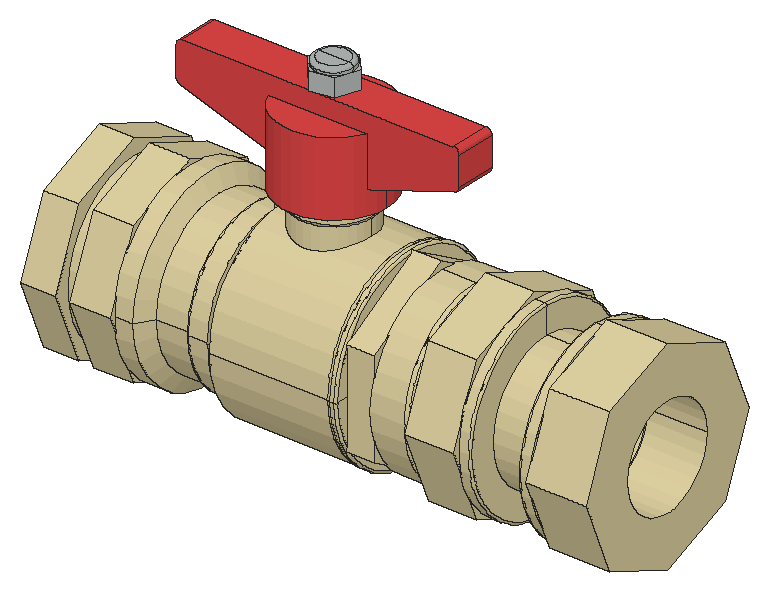
Revit family "QD38600000", category Apparecchi idraulici, Revit 2020
Family settings
  Quota connettore circolare = Usa diametro
  Tipo di parte = Normale
  Numero OmniClass = 23.45.00.00
  Titolo OmniClass = Sanitary, Laundry, and Cleaning Equipment
  Basato su piano di lavoro = No
  Sempre verticale = Sì
  Taglio con vuoti quando caricato = No
  Condiviso = No
  Punto di calcolo locali = No
Parameters
  URL = "https://web.cimberio.it/index.php/figura/266?subcategoria_id=43717"
  Temperatura di esercizio = "-20 ÷ 90°C"
  Prospetto di default = 0 mm
  Produttore = "CIMBERIO SPA"
  Pressione nominale = "PN 16"
  Modello = "Cim 278"
  Materiale = "Prodotto in lega di ottone conforme alla norma EN 12165-CW617N-DW"
  Descrizione = "Utilizzato nei più svariati settori dell'impiantistica: reti di distribuzione acqua potabile, impianti di riscaldamento, condizionamento, igienico-sanitari e in generale con ogni fluido non corrosivo"
  DN Model [instance] = QD38604031 : QD38604031
  DN [instance] = 25 mm
  Commenti sul tipo = "Realizzato in ottemperanza ai requisiti gestionali della norma EN ISO 9001.\r\nCollaudato al 100% secondo la normativa EN 12266-1"
Reference planes
  plane 1 "Centro (Fronte/Retro)": y = 0
  plane 2: z = 0
  plane 3 "Centro (Sinistra/Destra)": x = 0
Dimensions and locks
  aligned and locked: level to plane 2
Nested families
  nested 1: "QD38604031" at (0, 0, 0), type <- "DN Model", type "QD38604031"
  nested 2: "QD38604031" at (0, 0, 0), type <- "DN Model", type "QD38604031"
  nested 3: "QD38604031" at (0, 0, 0), type <- "DN Model", type "QD38604031"
  nested 4: "QD38604031" at (0, 0, 0), type <- "DN Model", type "QD38604031"
Connectors
  piping at (82.5, 0, 0), diameter 25, driven by "DN"
    settings: on nested 1, index 1, connector inside diameter 609.6 mm, connector length 0 mm, flow factor 0, pipe flow 0.0 L/s, pressure drop 0.0 Pa, fitting loss kfactor 0, connector angle 0.00°, fixture units 0, engagement length 0 mm, angle of deflection 0.00°, flow configuration 0, flow direction 0, fitting loss method 0, system type 7, joint type 0, gender type 0, connector reference index -1, connector utility 0, adjustable connector no, is connector primary yes, connector description ""
  piping at (-57.957, 0, 0), diameter 25, driven by "DN"
    settings: on nested 1, index 2, connector inside diameter 609.6 mm, connector length 0 mm, flow factor 0, pipe flow 0.0 L/s, pressure drop 0.0 Pa, fitting loss kfactor 0, connector angle 0.00°, fixture units 0, engagement length 0 mm, angle of deflection 0.00°, flow configuration 0, flow direction 0, fitting loss method 0, system type 7, joint type 0, gender type 0, connector reference index -1, connector utility 0, adjustable connector no, is connector primary no, connector description ""
Definition of nested family "QD38604031"
  Parameters (values of type "QD38604031")
    Default Elevation = 0 mm
  Reference planes
    plane 1 "Centro (Fronte/Retro)": y = 0
    plane 2: z = 0
    plane 3 "Centro (Sinistra/Destra)": x = 0
  Forms (mm)
    Revolve 1, solid
      sketch origin (0, 0, 0) x (1, 0, 0) y (0, 1, 0)
        loop
          line (18.034, 23.75) -> (17.101, 23.5) -> (-12, 23.5) -> (-15, 20.5) -> (-19.5, 20.5)
          arc (-19.5, 20.5) -> (-19.854, 20.354) -> (-20, 20) r 0.5
          arc (-20, 20) -> (-20.146, 19.647) -> (-20.499, 19.5) r 0.5
          line (-20.499, 19.5) -> (-28.5, 19.5) -> (-30.809, 23.5) -> (-35.5, 23.5) -> (-35.5, 12.5) -> (19.6, 12.5) -> (19.6, 23.133)
          arc (19.6, 23.133) -> (19.455, 23.526) -> (19.1, 23.75) r 0.652
          line (19.1, 23.75) -> (18.034, 23.75)
        axis (-35.5, 0) -> (19.6, 0)
      angle from 0 to 360
    Extrusion 2, solid
      sketch origin (0, 0, 0) x (0, 1, 0) y (0, 0, 1)
        loop
          circle (0, 0) r 12.5
        loop
          line (0, 25) -> (-17.678, 17.678) -> (-25, 0) -> (-17.678, -17.678) -> (0, -25) -> (17.678, -17.678) -> (25, 0) -> (17.678, 17.678) -> (0, 25)
      from 37.6 to 49.6
    Revolve 3, solid
      sketch origin (4.6, 0, 0) x (1, 0, 0) y (0, 0, 1)
        loop
          line (45, 12.5) -> (62.9, 12.5) -> (62.9, 23.5) -> (60.4, 23.5)
          arc (60.4, 23.5) -> (60.046, 23.354) -> (59.9, 23) r 0.5
          line (59.9, 23) -> (59.9, 16.608) -> (48, 16.608) -> (48, 23)
          arc (48, 23) -> (47.854, 23.354) -> (47.5, 23.5) r 0.5
          line (47.5, 23.5) -> (45, 23.5) -> (45, 12.5)
        axis (45, 0) -> (62.9, 0)
      angle from 0 to 360
    Revolve 4, solid
      sketch origin (0, 0, 4) x (1, 0, 0) y (0, 0, 1)
        loop
          line (0, 31.3) -> (-9.887, 31.3) -> (-9.887, 24)
          arc (-9.887, 24) -> (-9.744, 23.606) -> (-9.381, 23.397) r 0.612
          line (-9.381, 23.397) -> (-9.381, 12.734) -> (0, 12.734) -> (0, 31.3)
        axis (0, 31.3) -> (0, 12.734)
      angle from 0 to 360
    Extrusion 5, solid
      sketch origin (0, 0, 4) x (1, 0, 0) y (0, 0, 1)
        loop
          line (-15, 31.3) -> (-15, 25) -> (-13, 23.845) -> (-13, 12.845) -> (-7.035, 12.845) -> (-7.035, 31.3) -> (-15, 31.3)
      from 0 to 1.981
    Revolve 6, solid
      sketch origin (0, 0, 4) x (1, 0, 0) y (0, 0, 1)
        loop
          line (0, 32.8) -> (-8.3, 32.8) -> (-8.3, 31.3) -> (0, 31.3) -> (0, 32.8)
        axis (0, 32.8) -> (0, 31.3)
      angle from 0 to 360
    Revolve 7, solid
      sketch origin (0, 0, 4) x (1, 0, 0) y (0, 0, 1)
        loop
          line (10.545, 26.8) -> (13.134, 26.8) -> (13.134, 45.125) -> (0, 45.125) -> (0, 37.89) -> (10.545, 37.89) -> (10.545, 26.8)
        axis (0, 45.125) -> (0, 26.8)
      angle from 0 to 360
    Extrusion 8, solid
      sketch origin (0, 0, 4) x (1, 0, 0) y (0, 0, 1)
        loop
          arc (-35, 41.227) -> (-34.714, 40.345) -> (-33.964, 39.8) r 1.5
          line (-33.964, 39.8) -> (-13.136, 33.033) -> (13.136, 33.033) -> (33.964, 39.8)
          arc (33.964, 39.8) -> (34.714, 40.345) -> (35, 41.227) r 1.5
          line (35, 41.227) -> (35, 48.3)
          arc (35, 48.3) -> (34.561, 49.361) -> (33.5, 49.8) r 1.5
          line (33.5, 49.8) -> (-33.5, 49.8)
          arc (-33.5, 49.8) -> (-34.561, 49.361) -> (-35, 48.3) r 1.5
          line (-35, 48.3) -> (-35, 41.227)
      from -5 to 5
    Extrusion 9, solid
      sketch origin (0, 0, 4) x (1, 0, 0) y (0, 1, 0)
        loop
          line (1.88, 5.461) -> (-3.789, 4.359) -> (-5.669, -1.102) -> (-1.88, -5.461) -> (3.789, -4.359) -> (5.669, 1.102) -> (1.88, 5.461)
      from 49.8 to 54.3
    Revolve 10, solid
      sketch origin (0, 0, 4) x (1, 0, 0) y (0, 0, 1)
        loop
          line (3.75, 55.8) -> (0, 55.8) -> (0, 53.912) -> (4.75, 53.912) -> (4.75, 54.8)
          arc (4.75, 54.8) -> (4.457, 55.507) -> (3.75, 55.8) r 1
        axis (0, 55.8) -> (0, 53.912)
      angle from 0 to 360
    Extrusion 11, solid
      sketch origin (0, 0, 0) x (0, 1, 0) y (0, 0, 1)
        loop
          circle (0, 0) r 12.5
        loop
          line (0, 23.75) -> (-20.568, 11.875) -> (-20.568, -11.875) -> (0, -23.75) -> (20.568, -11.875) -> (20.568, 11.875) -> (0, 23.75)
      from 19.6 to 26.6
    Revolve 12, solid
      sketch origin (0, 0, 0) x (1, 0, 0) y (0, 0, 1)
        loop
          line (26.6, 12.5) -> (37.6, 12.5) -> (37.6, 21.5) -> (36.519, 21.5) -> (35.717, 21.5) -> (35.1, 22) -> (26.6, 22) -> (26.6, 12.5)
        axis (26.6, 0) -> (37.6, 0)
      angle from 0 to 360
    Extrusion 13, solid
      sketch origin (38.034, 0, 0) x (0, 1, 0) y (0, 0, 1)
        loop
          circle (0, 0) r 12.5
        loop
          line (0, 25) -> (-17.678, 17.678) -> (-25, 0) -> (-17.678, -17.678) -> (0, -25) -> (17.678, -17.678) -> (25, 0) -> (17.678, 17.678) -> (0, 25)
      from 29.466 to 44.466
    Extrusion 14, solid
      sketch origin (0, 0, 0) x (0, 1, 0) y (0, 0, 1)
        loop
          circle (0, 0) r 12.5
        loop
          line (0, 24.7) -> (-17.466, 17.466) -> (-24.7, 0) -> (-17.466, -17.466) -> (0, -24.7) -> (17.466, -17.466) -> (24.7, 0) -> (17.466, 17.466) -> (0, 24.7)
      from -45.476 to -35.5
    Revolve 15, solid
      sketch origin (0, 0, 0) x (1, 0, 0) y (0, 0, 1)
        loop
          line (-49.267, 20.78) -> (-49.267, 12.5) -> (-45.476, 12.5) -> (-45.476, 20.78) -> (-49.267, 20.78)
        axis (-49.267, 0) -> (-45.476, 0)
      angle from 0 to 360
    Extrusion 16, solid
      sketch origin (-115.276, 0, 0) x (0, 1, 0) y (0, 0, 1)
        loop
          circle (0, 0) r 12.5
        loop
          line (0, 24.5) -> (-17.324, 17.324) -> (-24.5, 0) -> (-17.324, -17.324) -> (0, -24.5) -> (17.324, -17.324) -> (24.5, 0) -> (17.324, 17.324) -> (0, 24.5)
      from 57.319 to 66.009
  Dimensions and locks
    aligned and locked: level to plane 2
